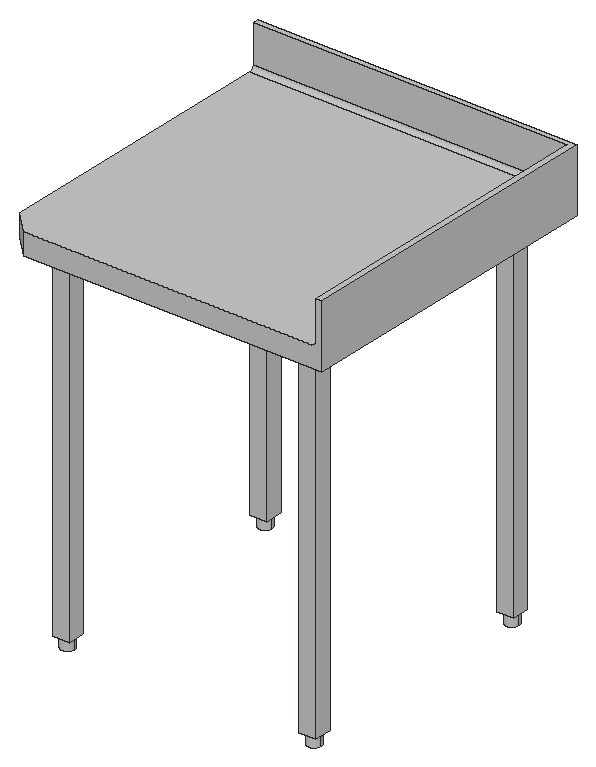
Revit family "QF_ZANUSSI_132851_CTUD7N", category Attrezzature speciali, Revit 2020
Family settings
  Quota connettore circolare = Usa diametro
  Tipo di parte = Normale
  Basato su piano di lavoro = No
  Sempre verticale = Sì
  Taglio con vuoti quando caricato = No
  Condiviso = No
  Punto di calcolo locali = No
Parameters (values of type "Standard")
  Weight = 33.00 kg
  Watts = 0 W
  Volts = 0 V
  URL Manufacturer = "http://www.zanussiprofessional.com"
  URL = "http://www.zanussiprofessional.com"
  Steam Supply Size = 0 mm
  Steam Supply Minimum Pressure = 0.0 Pa
  Steam Supply Maximum Pressure = 0.0 Pa
  Steam Consumption per Hour = 0
  Refrigeration Suction Line Size = 0.0 mm
  Refrigeration Liquid Line Size = 0.0 mm
  Refrigerant Compressor Remote = yes
  Prospetto di default = 0.0 mm
  Produttore = "Zanussi"
  Phase = 0
  Modello = "CTUD7N"
  Length Actual = 750.0 mm  # constant formula
  Item Number = "132851"
  Hot Water Size = 0 mm
  Height Actual = 900.0 mm  # constant formula
  HP = "0 HP"
  Gas Size = 0 mm
  Gas KW = 0
  Gas Input Pressure = 0 W
  Direct Waste Size = 0 mm
  Descrizione = "CORNER WORK TABLE+UPSTAND-DISASSEMBLED"
  Depth Actual = 750.0 mm  # constant formula
  Cycle = 0 Hz
  Condensate Return Size = 0 mm
  Compressed Air Volume = 0.0 L/s
  Compressed Air Size = 0 mm
  Compressed Air Pressure = 0.0 Pa
  Cold Water Size = 0 mm
  Accessory = yes
Reference planes
  plane 1 "Center (Front/Back)": y = 0
  plane 2: z = 0
  plane 3 "Center (Left/Right)": x = 0
  plane 4 "LEFT": x = -375
  plane 5 "RIGHT": x = 375
  plane 6 "BACK": y = 375
  plane 7 "FRONT": y = -375
  plane 8 "Base": z = 850
  plane 9 "TOP": z = 900
  plane 10: x = -290.5
  plane 11: x = 290.5
  plane 12: y = 290.5
  plane 13: y = -290.5
Forms (mm)
  Extrusion 1, solid, material "QF_Finishes_Stainless Steel"
    sketch origin (0, 0, 0) x (0, 1, 0) y (0, 0, 1)
      loop
        line (375, 900) -> (375, 1000) -> (362, 1000) -> (362, 910)
        arc (362, 910) -> (359.071, 902.929) -> (352, 900) r 10
        line (352, 900) -> (375, 900)
    from 375 to -375
  Extrusion 2, solid, material "QF_Finishes_Stainless Steel"
    sketch origin (0, 0, -100) x (1, 0, 0) y (0, 0, 1)
      loop
        line (375, 1000) -> (375, 1100) -> (362, 1100) -> (362, 1010)
        arc (362, 1010) -> (359.071, 1002.929) -> (352, 1000) r 10
        line (352, 1000) -> (375, 1000)
    from 375 to -375
  Extrusion 3, solid, material "QF_Finishes_Stainless Steel"
    sketch origin (0, 0, 850) x (0, 1, 0) y (-1, 0, 0)
      loop
        line (-375, 325) -> (-375, -375) -> (375, -375) -> (375, 375) -> (-325, 375) -> (-375, 325)
    from 0 to 50
Cuts and joins
  joined: Extrusion 1, Extrusion 2, Extrusion 3
Lines and regions (mm)
  symbolic lines
    curve 1: line (375, 375, 900) -> (-375, 375, 900)
    curve 2: line (-375, 375, 900) -> (-375, -325, 900)
    curve 3: line (-325, -375, 900) -> (375, -375, 900)
    curve 4: line (375, -375, 900) -> (375, 375, 900)
    curve 5: line (362, 362, 900) -> (-375, 362, 900)
    curve 6: line (362, 362, 900) -> (362, -375, 900)
    curve 7: line (-375, -325, 900) -> (-325, -375, 900)
Dimensions and locks
  plane 4 "LEFT" to plane 5 "RIGHT" = 750.0 mm
  equal spacing: plane 4 "LEFT", plane 3 "Center (Left/Right)", plane 5 "RIGHT"
  equal spacing: plane 6 "BACK", plane 1 "Center (Front/Back)", plane 7 "FRONT"
  plane 6 "BACK" to plane 7 "FRONT" = 750.0 mm
  locked: plane 8 "Base" to level at 850
  plane 6 "BACK" to plane 12 = 84.5 mm
  plane 13 to plane 7 "FRONT" = 84.5 mm
  plane 4 "LEFT" to plane 10 = 84.5 mm
  plane 11 to plane 5 "RIGHT" = 84.5 mm
  plane 10 to plane 11 = 581.0 mm
  plane 12 to plane 13 = 581.0 mm
  locked: Extrusion 1 to level at 1000
  plane 9 "TOP" to level = 900.0 mm
  aligned and locked: level to plane 2
  aligned and locked: plane 10 to nested 1
  aligned and locked: nested 1 to plane 13
  aligned and locked: plane 11 to nested 2
  aligned and locked: nested 2 to plane 13
  aligned and locked: plane 11 to nested 4
  aligned and locked: nested 4 to plane 12
  aligned and locked: plane 10 to nested 3
  aligned and locked: nested 3 to plane 12
  aligned and locked: Extrusion 1 to plane 4 "LEFT"
  aligned and locked: plane 5 "RIGHT" to Extrusion 1
  aligned and locked: plane 6 "BACK" to Extrusion 2
  aligned and locked: Extrusion 2 to plane 7 "FRONT"
  aligned and locked: Extrusion 3 sketch curve to plane 4 "LEFT"
  aligned and locked: plane 6 "BACK" to Extrusion 3 sketch curve
  aligned and locked: plane 5 "RIGHT" to Extrusion 3 sketch curve
  aligned and locked: plane 9 "TOP" to cut or joined group of Extrusion 1, Extrusion 2, Extrusion 3
  aligned and locked: cut or joined group of Extrusion 1, Extrusion 2, Extrusion 3 to plane 4 "LEFT"
  aligned and locked: plane 5 "RIGHT" to cut or joined group of Extrusion 1, Extrusion 2, Extrusion 3
  aligned and locked: plane 6 "BACK" to cut or joined group of Extrusion 1, Extrusion 2, Extrusion 3
  aligned and locked: cut or joined group of Extrusion 1, Extrusion 2, Extrusion 3 to plane 7 "FRONT"
Automatic sketch dimensions
  Extrusion 1 sketch curve to plane 9 "TOP" = 0.0 mm
  Extrusion 1 sketch curve to plane 6 "BACK" = 0.0 mm
  Extrusion 1 sketch curve to plane 6 "BACK" = 13.0 mm
  Extrusion 1 sketch curve to Extrusion 1 sketch curve = 10.0 mm
  Extrusion 1 sketch curve to Extrusion 1 sketch curve = 90.0 mm
  Extrusion 2 sketch curve to plane 5 "RIGHT" = 0.0 mm
  Extrusion 2 sketch curve to plane 5 "RIGHT" = 13.0 mm
  Extrusion 2 sketch curve to Extrusion 2 sketch curve = 10.0 mm
  plane 9 "TOP" to Extrusion 2 sketch curve = 0.0 mm
  Extrusion 2 sketch curve to Extrusion 2 sketch curve = 90.0 mm
  Extrusion 3 sketch curve to plane 7 "FRONT" = 0.0 mm
  Extrusion 3 sketch curve to plane 13 = 34.5 mm
  Extrusion 3 sketch curve to plane 10 = 34.5 mm
  curve 4 to plane 5 "RIGHT" = 0.0 mm
  curve 4 to plane 7 "FRONT" = 0.0 mm
  curve 2 to plane 4 "LEFT" = 0.0 mm
  curve 4 to plane 6 "BACK" = 0.0 mm
  curve 5 to plane 6 "BACK" = 13.0 mm
  curve 6 to plane 5 "RIGHT" = 13.0 mm
  curve 2 to plane 13 = 34.5 mm
  curve 3 to plane 10 = 34.5 mm
Nested families
  nested 1: "FEET_40x40" at (-290.5, -290.5, 0), type "FEET_40x40"
  nested 2: "FEET_40x40" at (290.5, -290.5, 0), type "FEET_40x40"
  nested 3: "FEET_40x40" at (-290.5, 290.5, 0), type "FEET_40x40"
  nested 4: "FEET_40x40" at (290.5, 290.5, 0), type "FEET_40x40"
Definition of nested family "FEET_40x40"
  Parameters
    Default Elevation = 0.0 mm
    FEET = 850.0 mm
  Reference planes
    plane 1 "Center (Front/Back)": y = 0
    plane 2: z = 0
    plane 3 "Center (Left/Right)": x = 0
    plane 4: z = 850
  Forms (mm)
    Extrusion 1, solid
      sketch origin (0, 0, 0) x (1, 0, 0) y (0, 1, 0)
        loop
          line (-20, -20) -> (20, -20) -> (20, 20) -> (-20, 20) -> (-20, -20)
      from 25 to 845
    Extrusion 2, solid
      sketch origin (0, 0, 0) x (1, 0, 0) y (0, 1, 0)
        loop
          circle (0, 0) r 16
      from 0 to 25
    Extrusion 3, solid
      sketch origin (0, 0, 0) x (1, 0, 0) y (0, 1, 0)
        loop
          line (30, 30) -> (-30, 30) -> (-30, -30) -> (30, -30) -> (30, 30)
      from 845 to 850
  Lines and regions (mm)
    symbolic lines
      curve 1: line (0, -1.503, 0) -> (0, 1.508, 0)
      curve 2: line (1.561, 0, 0) -> (-1.439, 0, 0)
  Dimensions and locks
    "FEET": plane 4 to plane 2
    aligned and locked: level to plane 2
  Automatic sketch dimensions
    Extrusion 1 sketch curve to plane 3 "Center (Left/Right)" = 20.0 mm
    plane 3 "Center (Left/Right)" to Extrusion 1 sketch curve = 20.0 mm
    plane 1 "Center (Front/Back)" to Extrusion 1 sketch curve = 20.0 mm
    Extrusion 1 sketch curve to plane 1 "Center (Front/Back)" = 20.0 mm
    plane 1 "Center (Front/Back)" to Extrusion 2 sketch curve = 0.0 mm
    Extrusion 2 sketch curve to plane 3 "Center (Left/Right)" = 0.0 mm
    plane 3 "Center (Left/Right)" to Extrusion 3 sketch curve = 30.0 mm
    Extrusion 3 sketch curve to plane 1 "Center (Front/Back)" = 30.0 mm
    Extrusion 3 sketch curve to plane 3 "Center (Left/Right)" = 30.0 mm
    plane 1 "Center (Front/Back)" to Extrusion 3 sketch curve = 30.0 mm
    plane 1 "Center (Front/Back)" to curve 2 = 0.0 mm
    curve 1 to plane 3 "Center (Left/Right)" = 0.0 mm
    curve 2 to plane 3 "Center (Left/Right)" = 1.439 mm
    plane 3 "Center (Left/Right)" to curve 2 = 1.561 mm
    plane 1 "Center (Front/Back)" to curve 1 = 1.503 mm
    curve 1 to plane 1 "Center (Front/Back)" = 1.508 mm
    radius of Extrusion 2 sketch curve = 16.0 mm
